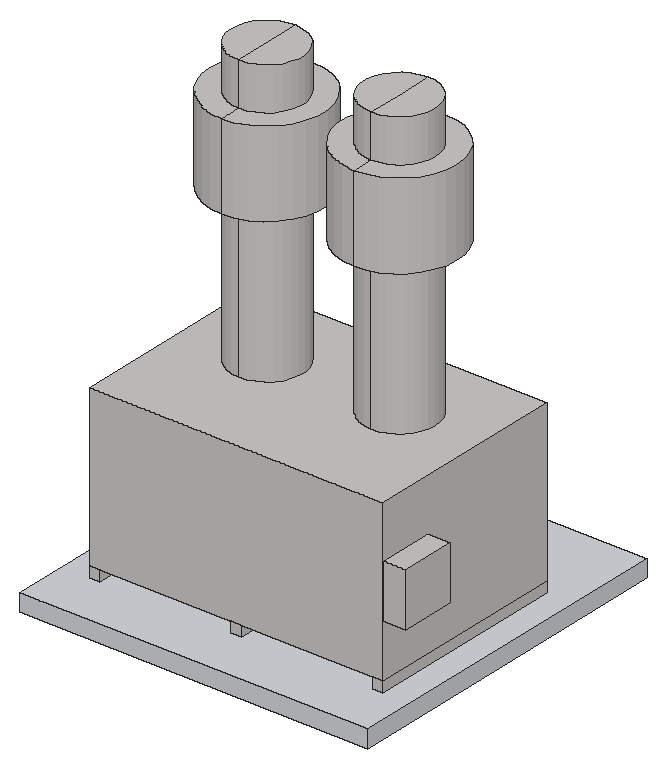
Revit family "DC_Rheem_PLM_Raypak_B2804HWT", category Plumbing Fixtures, host Face, Revit 2017
Family settings
  Host = Face
  Round Connector Dimension = Use Radius
  Part Type = Normal
  Cut with Voids When Loaded = No
  Shared = No
  Room Calculation Point = No
Parameters (values of type "Raypak - Gas Water Heater- Outdoor - 2804 MJ/h  Natural gas, modulating gas control")
  Width_ANZRS = 1430 mm
  URL = "http://www.rheem.com.au/CommercialProducts"
  Type Comments = "Recovery 10750L/h @ 50°C rise\r\n"
  TopSmallDiameter_ANZRS = 500 mm
  TopH2__ANZRS = 600 mm
  TopH1_ANZRS = 300 mm
  TopBigDiameter_ANZRS = 800 mm
  PRVDiameter_ANZRS = PRVRadius_ANZRS * 2  # 20 mm
  Materials_ANZRS = Raypak - Grey Powder Coated Steel
  PRVRadius_ANZRS = 10 mm
  PVRDistance_ANZRS = 400 mm
  Model = "B2804NCM/HWT\r\n"
  Manufacturer = "Raypak\r\n"
  Length_ANZRS = 2060 mm
  HotWaterPipeDistance_ANZRS = 235 mm
  HotWaterPipeRadius_ANZRS = 40 mm
  HotWaterPipeDiameter_ANZRS = HotWaterPipeRadius_ANZRS * 2  # 80 mm
  Height_ANZRS = 3185 mm
  GasPipeDiameter_ANZRS = GasPipeRadius_ANZRS * 2  # 65 mm
  GasPipeRadius_ANZRS = 32.5 mm
  GasPipeHeight_ANZRS = 600 mm
  GasPipeDistance_ANZRS = 210 mm
  EleBoxWidth_ANZRS = 160 mm
  EleBoxHeightFrom Base_ANZRS = 450 mm
  EleBoxHeight_ANZRS = 380 mm
  DesignBy_ANZRS = "Design Content ©"
  Description = "Raypak - Gas Water Heater- Outdoor - 2804 MJ/h  Natural gas, modulating gas control\r\n"
  Default Elevation = 0 mm
  ConnectionHeight_ANZRS = 910 mm
  ColdWaterPipeRadius_ANZRS = 40 mm
  ColdWaterPipeDistance_ANZRS = 567 mm
  ColdWaterPipeDiameter_ANZRS = ColdWaterPipeRadius_ANZRS * 2  # 80 mm
  BoxHeight_ANZRS = 1195 mm
  BaseWidth_ANZRS = 75 mm
  BaseHeight_ANZRS = 75 mm
  BaseDistance_ANZRS = 0 mm
  Author_ANZRS = "DM"
  Assembly Code = ""
  A1_ANZRS = 565 mm
Types (5, lengths in mm): name | URL | Type Comments | Model | GasPipeDiameter_ANZRS | GasPipeRadius_ANZRS | Description
  (no name) | "http://www.rheem.com.au/downloads/PDF/Raypak_Mechanical_Heating_Brochure_July_09.pdf\r\n" | "Recovery 11561L/h @ 50°C rise\r\n" | "B2804PCO/HWT\r\n\r\n\r\n\r\n" | 40 | 20 | "Raypak - Gas Water Heater- Outdoor - 3035 MJ/h  Propane gas, On/Off gas control\r\n"
  Raypak - Gas Water Heater- Outdoor - 2804 MJ/h  Natural gas, modulating gas control | "http://www.rheem.com.au/CommercialProducts" | "Recovery 10750L/h @ 50°C rise\r\n" | "B2804NCM/HWT\r\n" | 65 | 32.5 | "Raypak - Gas Water Heater- Outdoor - 2804 MJ/h  Natural gas, modulating gas control\r\n"
  Raypak - Gas Water Heater- Outdoor - 2804 MJ/h  Natural gas, On/Off gas control | "http://www.rheem.com.au/CommercialProducts" | "Recovery 10750L/h @ 50°C rise\r\n" | "B2804NCO/HWT\r\n\r\n" | 65 | 32.5 | "Raypak - Gas Water Heater- Outdoor - 2804 MJ/h  Natural gas, On/Off gas control\r\n"
  Raypak - Gas Water Heater- Outdoor - 3035 MJ/h  Propane gas, modulating gas control | "http://www.rheem.com.au/CommercialProducts" | "Recovery 11561L/h @ 50°C rise\r\n" | "B2804PCM/HWT\r\n\r\n\r\n" | 40 | 20 | "Raypak - Gas Water Heater- Outdoor - 3035 MJ/h  Propane gas, modulating gas control\r\n"
  Raypak - Gas Water Heater- Outdoor - 3035 MJ/h  Propane gas, On/Off gas control | "http://www.rheem.com.au/CommercialProducts" | "Recovery 11561L/h @ 50°C rise\r\n" | "B2804PCO/HWT\r\n\r\n\r\n\r\n" | 40 | 20 | "Raypak - Gas Water Heater- Outdoor - 3035 MJ/h  Propane gas, On/Off gas control\r\n"
Reference planes
  plane 1 "Center (Front/Back)": y = 0
  plane 2: z = 0
  plane 3 "Center (Left/Right)": x = 0
  plane 4: z = 75
  plane 5: x = -1030
  plane 6: x = 1030
  plane 7: x = 1190
  plane 8: z = 450
  plane 9: z = 1195
  plane 10: x = -1030
  plane 11: x = 1030
  plane 12: x = -955
  plane 13: x = 955
  plane 14: y = 580
  plane 15: y = -850
  plane 16: z = 3185
  plane 17: z = 2885
  plane 18: z = 2285
  plane 19: y = 250
  plane 20: y = -250
  plane 21: y = 400
  plane 22: y = -400
  plane 23: z = 910
  plane 24: y = 180
  plane 25: y = 345
  plane 26: y = -222
  plane 27: y = -640
  plane 28: z = 600
  plane 29: z = 830
  plane 30: x = -1020
  plane 31: x = -1210
  plane 32: x = -1110
  plane 33: x = -37.5
  plane 34: x = 37.5
  plane 35: x = -465
  plane 36: x = 465
  plane 37: x = -715
  plane 38: x = -215
  plane 39: x = -865
  plane 40: x = -65
  plane 41: x = 715
  plane 42: x = 215
  plane 43: x = 865
  plane 44: x = 65
  plane 45: y = -465
Forms (mm)
  Extrusion 1, solid
    sketch origin (0, 0, 0) x (1, 0, 0) y (0, 1, 0)
      loop
        line (-1219.2, 1219.2) -> (-1219.2, -1219.2) -> (1219.2, -1219.2) -> (1219.2, 1219.2) -> (-1219.2, 1219.2)
    from 0 to -120
  Extrusion 2, solid, material "Raypak - Grey Powder Coated Steel" <- "Materials_ANZRS"
    sketch origin (0, 0, 0) x (1, 0, 0) y (0, 0, 1)
      loop
        line (-1030, 75) -> (-1030, 0) -> (-955, 0) -> (-955, 75) -> (-1030, 75)
      loop
        line (955, 75) -> (955, 0) -> (1030, 0) -> (1030, 75) -> (955, 75)
      loop
        line (-37.5, 75) -> (-37.5, 0) -> (37.5, 0) -> (37.5, 75) -> (-37.5, 75)
    from -580 to 850
  Extrusion 3, solid, material "Raypak - Grey Powder Coated Steel" <- "Materials_ANZRS"
    sketch origin (0, 0, 0) x (1, 0, 0) y (0, 1, 0)
      loop
        line (-1030, 580) -> (-1030, -850) -> (1030, -850) -> (1030, 580) -> (-1030, 580)
    from 75 to 1195
  Revolve 4, solid, material "Raypak - Grey Powder Coated Steel" <- "Materials_ANZRS"
    sketch origin (-465, -4572, 910) x (0, 0, -1) y (0, -1, 0)
      loop
        line (-2275, -4572) -> (-285, -4572) -> (-285, -4322) -> (-1375, -4322) -> (-1375, -4172) -> (-1975, -4172) -> (-1975, -4322) -> (-2275, -4322) -> (-2275, -4572)
      axis (-2275, -4572) -> (-285, -4572)
    angle from 0 to 360
  Extrusion 5, solid, material "Raypak - Grey Powder Coated Steel" <- "Materials_ANZRS"
    sketch origin (0, 0, 0) x (1, 0, 0) y (0, 0, 1)
      loop
        line (1030, 830) -> (1030, 450) -> (1190, 450) -> (1190, 830) -> (1030, 830)
    from 465 to 850
  Extrusion 6, solid, material "Raypak - Grey Powder Coated Steel" <- "Materials_ANZRS"
    sketch origin (0, 0, 0) x (0, 1, 0) y (0, 0, 1)
      loop
        circle (345, 910) r 40
      loop
        circle (-222, 910) r 40
    from -1210 to -1030
  Extrusion 7, solid, material "Raypak - Grey Powder Coated Steel" <- "Materials_ANZRS"
    sketch origin (0, 0, 0) x (0, 1, 0) y (0, 0, 1)
      loop
        circle (-640, 600) r 32.5
    from -1110 to -1030
  Extrusion 8, void
    sketch origin (0, 0, 0) x (0, 1, 0) y (0, 0, 1)
      loop
        circle (180, 910) r 10
    from -1030 to -1020
  Revolve 9, solid, material "Raypak - Grey Powder Coated Steel" <- "Materials_ANZRS"
    sketch origin (465, -4572, 910) x (0, 0, -1) y (0, 1, 0)
      loop
        line (-2275, 4572) -> (-2275, 4322) -> (-1975, 4322) -> (-1975, 4172) -> (-1375, 4172) -> (-1375, 4322) -> (-285, 4322) -> (-285, 4572) -> (-2275, 4572)
      axis (-2275, 4572) -> (-285, 4572)
    angle from 0 to 360
Cuts and joins
  Extrusion 8 cuts Extrusion 3
  joined: Extrusion 3, Extrusion 7
Lines and regions (mm)
  Masking region 1
    outline origin (0, 0, 0) x (0, 1, 0) y (0, 0, 1)
      loop
        line (250, 3185) -> (-250, 3185) -> (-250, 2885) -> (-400, 2885) -> (-400, 2285) -> (-250, 2285) -> (-250, 1195) -> (-850, 1195) -> (-850, 0) -> (580, 0) -> (580, 1195) -> (250, 1195) -> (250, 2285) -> (400, 2285) -> (400, 2885) -> (250, 2885) -> (250, 3185)
  Masking region 2
    outline origin (0, 0, 0) x (1, 0, 0) y (0, 1, 0)
      loop
        line (-1030, 580) -> (-1030, 385) -> (-1210, 385) -> (-1210, 305) -> (-1030, 305) -> (-1030, -182) -> (-1210, -182) -> (-1210, -262) -> (-1030, -262) -> (-1030, -607.5) -> (-1110, -607.5) -> (-1110, -672.5) -> (-1030, -672.5) -> (-1030, -850) -> (1190, -850) -> (1190, -465) -> (1030, -465) -> (1030, 580) -> (-1030, 580)
  Masking region 3
    outline origin (0, 0, 0) x (1, 0, 0) y (0, 0, 1)
      loop
        line (-215, 2885) -> (-215, 3185) -> (-465, 3185) -> (-715, 3185) -> (-715, 2885) -> (-865, 2885) -> (-865, 2285) -> (-715, 2285) -> (-715, 1195) -> (-1030, 1195) -> (-1030, 930) -> (-1210, 930) -> (-1210, 890) -> (-1030, 890) -> (-1030, 615) -> (-1110, 615) -> (-1110, 585) -> (-1030, 585) -> (-1030, 75) -> (-1030, 0) -> (-955, 0) -> (-955, 75) -> (-37.5, 75) -> (-37.5, 0) -> (37.5, 0) -> (37.5, 75) -> (955, 75) -> (955, 0) -> (1030, 0) -> (1030, 75) -> (1030, 450) -> (1190, 450) -> (1190, 830) -> (1030, 830) -> (1030, 1195) -> (715, 1195) -> (715, 2285) -> (865, 2285) -> (865, 2885) -> (715, 2885) -> (715, 3185) -> (215, 3185) -> (215, 2885) -> (65, 2885) -> (65, 2285) -> (215, 2285) -> (215, 1195) -> (-215, 1195) -> (-215, 2285) -> (-65, 2285) -> (-65, 2885) -> (-215, 2885)
  symbolic lines, style "Rheem Raypak", detail levels fine
    curve 1: line (1030, 0, 1195) -> (-1030, 0, 1195)
    curve 2: line (1030, 0, 75) -> (1030, 0, 1195)
    curve 3: line (-1030, 0, 1195) -> (-1030, 0, 75)
    curve 4: line (-1030, 0, 75) -> (1030, 0, 75)
    curve 5: line (-955, 0, 0) -> (-955, 0, 75)
    curve 6: line (-1030, 0, 0) -> (-955, 0, 0)
    curve 7: line (-1030, 0, 75) -> (-1030, 0, 0)
    curve 8: line (1030, 0, 0) -> (1030, 0, 75)
    curve 9: line (955, 0, 75) -> (955, 0, 0)
    curve 10: line (955, 0, 0) -> (1030, 0, 0)
    curve 11: line (1030, 0, 450) -> (1190, 0, 450)
    curve 12: line (1190, 0, 450) -> (1190, 0, 830)
    curve 13: line (1190, 0, 830) -> (1030, 0, 830)
    curve 14: line (-1110, 0, 585) -> (-1030, 0, 585)
    curve 15: line (-1110, 0, 615) -> (-1110, 0, 585)
    curve 16: line (-1030, 0, 615) -> (-1110, 0, 615)
    curve 17: line (0, -400, 2885) -> (0, 400, 2885)
    curve 18: line (0, -400, 2285) -> (0, 400, 2285)
    curve 19: line (0, 400, 2285) -> (0, 400, 2885)
    curve 20: line (0, -400, 2885) -> (0, -400, 2285)
    curve 21: line (0, -250, 3185) -> (0, -250, 2885)
    curve 22: line (0, 250, 2885) -> (0, 250, 3185)
    curve 23: line (0, -250, 3185) -> (0, 250, 3185)
    curve 24: line (0, -250, 2285) -> (0, -250, 1195)
    curve 25: line (0, 250, 1195) -> (0, 250, 2285)
    curve 26: line (0, 580, 1195) -> (0, -850, 1195)
    curve 27: line (0, -850, 1195) -> (0, -850, 75)
    curve 28: line (0, 580, 75) -> (0, 580, 1195)
    curve 29: line (0, -850, 75) -> (0, 580, 75)
    curve 30: line (0, 580, 0) -> (0, 580, 75)
    curve 31: line (0, -850, 75) -> (0, -850, 0)
    curve 32: line (0, -850, 0) -> (0, 580, 0)
    curve 33: arc (0, -242, 910) -> (0, -222, 890) -> (0, -202, 910) r 20
    curve 34: arc (0, -202, 910) -> (0, -222, 930) -> (0, -242, 910) r 20
    curve 35: arc (0, -625, 600) -> (0, -640, 585) -> (0, -655, 600) r 15
    curve 36: arc (0, -655, 600) -> (0, -640, 615) -> (0, -625, 600) r 15
    curve 37: arc (0, 325, 910) -> (0, 345, 890) -> (0, 365, 910) r 20
    curve 38: arc (0, 365, 910) -> (0, 345, 930) -> (0, 325, 910) r 20
    curve 39: arc (0, 165, 910) -> (0, 180, 895) -> (0, 195, 910) r 15
    curve 40: arc (0, 195, 910) -> (0, 180, 925) -> (0, 165, 910) r 15
    curve 41: line (1030, -850, 0) -> (1030, 580, 0)
    curve 42: line (-1030, -850, 0) -> (1030, -850, 0)
    curve 43: line (-1030, 580, 0) -> (-1030, -850, 0)
    curve 44: line (1190, -850, 0) -> (1190, 580, 0)
    curve 45: line (1030, -850, 0) -> (1190, -850, 0)
    curve 46: line (-1110, -607.5, 0) -> (-1110, -672.5, 0)
    curve 47: line (-1110, -607.5, 0) -> (-1030, -607.5, 0)
    curve 48: line (-1110, -672.5, 0) -> (-1030, -672.5, 0)
    curve 49: line (37.5, 0, 0) -> (37.5, 0, 75)
    curve 50: line (-1030, 0, 75) -> (1030, 0, 75)
    curve 51: line (-37.5, 0, 75) -> (-37.5, 0, 0)
    curve 52: line (-37.5, 0, 0) -> (37.5, 0, 0)
    curve 53: line (1190, 580, 0) -> (-1030, 580, 0)
    curve 54: line (865, 0, 2285) -> (865, 0, 2885)
    curve 55: line (65, 0, 2285) -> (65, 0, 2885)
    curve 56: line (215, 0, 3185) -> (215, 0, 2885)
    curve 57: line (715, 0, 3185) -> (715, 0, 2885)
    curve 58: line (65, 0, 2285) -> (865, 0, 2285)
    curve 59: line (65, 0, 2885) -> (865, 0, 2885)
    curve 60: line (215, 0, 3185) -> (715, 0, 3185)
    curve 61: line (215, 0, 2285) -> (215, 0, 1195)
    curve 62: line (715, 0, 2285) -> (715, 0, 1195)
    curve 63: line (-215, 0, 3185) -> (-465, 0, 3185)
    curve 64: line (-465, 0, 3185) -> (-715, 0, 3185)
    curve 65: line (-465, 0, 2885) -> (-865, 0, 2885)
    curve 66: line (-65, 0, 2885) -> (-465, 0, 2885)
    curve 67: line (-65, 0, 2285) -> (-465, 0, 2285)
    curve 68: line (-465, 0, 2285) -> (-865, 0, 2285)
    curve 69: line (-865, 0, 2285) -> (-865, 0, 2885)
    curve 70: line (-715, 0, 3185) -> (-715, 0, 2885)
    curve 71: line (-215, 0, 3185) -> (-215, 0, 2885)
    curve 72: line (-65, 0, 2285) -> (-65, 0, 2885)
    curve 73: line (-215, 0, 2285) -> (-215, 0, 1195)
    curve 74: line (-715, 0, 2285) -> (-715, 0, 1195)
    curve 83: line (-1030, 0, 930) -> (-1210, 0, 930)
    curve 84: line (-1210, 0, 930) -> (-1210, 0, 890)
    curve 85: line (-1210, 0, 890) -> (-1030, 0, 890)
  symbolic lines, style "Rheem Raypak"
    curve 75: arc (-465, -400, 0) -> (-65, 0, 0) -> (-465, 400, 0) r 400
    curve 76: arc (-465, 400, 0) -> (-865, 0, 0) -> (-465, -400, 0) r 400
    curve 77: arc (-465, 250, 0) -> (-715, 0, 0) -> (-465, -250, 0) r 250
    curve 78: arc (-465, -250, 0) -> (-215, 0, 0) -> (-465, 250, 0) r 250
    curve 79: arc (465, -400, 0) -> (65, 0, 0) -> (465, 400, 0) r 400
    curve 80: arc (465, -250, 0) -> (215, 0, 0) -> (465, 250, 0) r 250
    curve 81: arc (465, 250, 0) -> (715, 0, 0) -> (465, -250, 0) r 250
    curve 82: arc (465, 400, 0) -> (865, 0, 0) -> (465, -400, 0) r 400
Dimensions and locks
  "BaseHeight_ANZRS": plane 4 to level
  equal spacing: plane 6, plane 3 "Center (Left/Right)", plane 5
  "Length_ANZRS": plane 5 to plane 6
  "EleBoxWidth_ANZRS": plane 6 to plane 7
  "EleBoxHeightFrom Base_ANZRS": plane 8 to Extrusion 1
  "EleBoxHeight_ANZRS": plane 29 to plane 8
  "BaseDistance_ANZRS": plane 10 to plane 5
  "BaseDistance_ANZRS": plane 11 to plane 6
  "BaseWidth_ANZRS": plane 10 to plane 12
  "BaseWidth_ANZRS": plane 11 to plane 13
  plane 1 "Center (Front/Back)" to plane 15 = 850 mm
  "Width_ANZRS": plane 14 to plane 15
  "Height_ANZRS": plane 16 to Extrusion 1
  "TopSmallDiameter_ANZRS": plane 19 to plane 20
  equal spacing: plane 19, plane 1 "Center (Front/Back)", plane 20
  equal spacing: plane 21, plane 1 "Center (Front/Back)", plane 22
  "TopBigDiameter_ANZRS": plane 21 to plane 22
  "ConnectionHeight_ANZRS": plane 23 to Extrusion 1
  "BoxHeight_ANZRS": plane 9 to Extrusion 1
  "PVRDistance_ANZRS": plane 14 to plane 24
  "HotWaterPipeDistance_ANZRS": plane 14 to plane 25
  "ColdWaterPipeDistance_ANZRS": plane 25 to plane 26
  "GasPipeDistance_ANZRS": plane 27 to plane 15
  "GasPipeHeight_ANZRS": plane 28 to Extrusion 1
  "TopH1_ANZRS": plane 16 to plane 17
  "TopH2__ANZRS": plane 17 to plane 18
  locked: plane 5 to plane 30 at 10
  plane 31 to plane 5 = 180 mm
  plane 31 to cut or joined group of Extrusion 3, Extrusion 7, Extrusion 8 = 180 mm
  plane 32 to cut or joined group of Extrusion 3, Extrusion 7, Extrusion 8 = 80 mm
  equal spacing: plane 33, plane 3 "Center (Left/Right)", plane 34
  "BaseWidth_ANZRS": plane 33 to plane 34
  plane 32 to plane 10 = 80 mm
  plane 31 to plane 10 = 180 mm
  "A1_ANZRS": plane 10 to plane 35
  "A1_ANZRS": plane 36 to plane 11
  equal spacing: plane 38, plane 35, plane 37
  "TopSmallDiameter_ANZRS": plane 38 to plane 37
  equal spacing: plane 39, plane 35, plane 40
  "TopBigDiameter_ANZRS": plane 39 to plane 40
  "TopSmallDiameter_ANZRS": plane 42 to plane 41
  "TopBigDiameter_ANZRS": plane 43 to plane 44
  equal spacing: plane 41, plane 36, plane 42
  equal spacing: plane 44, plane 36, plane 43
  equal spacing: Masking region 2 sketch curve, plane 25, Masking region 2 sketch curve
  "HotWaterPipeDiameter_ANZRS": Masking region 2 sketch curve to Masking region 2 sketch curve
  equal spacing: Masking region 2 sketch curve, plane 26, Masking region 2 sketch curve
  "ColdWaterPipeDiameter_ANZRS": Masking region 2 sketch curve to Masking region 2 sketch curve
  equal spacing: Masking region 2 sketch curve, plane 27, Masking region 2 sketch curve
  "GasPipeDiameter_ANZRS": Masking region 2 sketch curve to Masking region 2 sketch curve
  "ColdWaterPipeRadius_ANZRS": radius of Extrusion 6 sketch curve
  "HotWaterPipeRadius_ANZRS": radius of Extrusion 6 sketch curve
  "GasPipeRadius_ANZRS": radius of Extrusion 7 sketch curve
  "PRVRadius_ANZRS": radius of Extrusion 8 sketch curve
  aligned and locked: plane 2 to Extrusion 1
  aligned and locked: level to Extrusion 1
  aligned and locked: Extrusion 2 sketch curve to plane 4  (x2)
  aligned and locked: Extrusion 2 sketch curve to plane 10
  aligned and locked: level to Extrusion 2 sketch curve  (x2)
  aligned and locked: plane 12 to Extrusion 2 sketch curve
  aligned and locked: plane 13 to Extrusion 2 sketch curve
  aligned and locked: plane 11 to Extrusion 2 sketch curve
  aligned and locked: plane 14 to Extrusion 3 sketch curve
  aligned and locked: plane 15 to Extrusion 3 sketch curve
  aligned and locked: plane 6 to Extrusion 3 sketch curve
  aligned and locked: plane 9 to Extrusion 3
  aligned and locked: Extrusion 3 to plane 4
  aligned and locked: Extrusion 2 to plane 15
  aligned and locked: Extrusion 2 to plane 14
  aligned and locked: plane 16 to Revolve 4 sketch curve
  aligned and locked: Revolve 4 sketch curve to plane 20
  aligned and locked: Revolve 4 sketch curve to plane 22
  aligned and locked: plane 9 to Revolve 4 sketch curve
  aligned and locked: Revolve 4 sketch curve to plane 1 "Center (Front/Back)"
  aligned and locked: Extrusion 5 sketch curve to plane 29
  aligned and locked: Extrusion 5 sketch curve to plane 6
  aligned and locked: plane 8 to Extrusion 5 sketch curve
  aligned and locked: plane 7 to Extrusion 5 sketch curve
  aligned: Extrusion 2 to Extrusion 5
  aligned and locked: Extrusion 5 to Extrusion 2
  aligned and locked: plane 25 to Extrusion 6 sketch curve
  aligned and locked: plane 23 to Extrusion 6 sketch curve  (x2)
  aligned and locked: plane 26 to Extrusion 6 sketch curve
  aligned and locked: Extrusion 3 to plane 5
  aligned: Extrusion 6 to plane 5
  aligned: Extrusion 6 to plane 30
  aligned and locked: plane 28 to Extrusion 7 sketch curve
  aligned and locked: plane 27 to Extrusion 7 sketch curve
  aligned: plane 31 to Extrusion 7
  aligned: Extrusion 7 to plane 30
  aligned: plane 5 to Extrusion 7
  aligned and locked: plane 16 to Masking region 1 sketch curve
  aligned and locked: plane 17 to Masking region 1 sketch curve
  aligned and locked: Masking region 1 sketch curve to plane 22
  aligned and locked: plane 21 to Masking region 1 sketch curve
  aligned and locked: plane 19 to Masking region 1 sketch curve
  aligned and locked: Masking region 1 sketch curve to plane 20
  aligned and locked: plane 9 to Masking region 1 sketch curve
  aligned and locked: Masking region 1 sketch curve to plane 15
  aligned and locked: plane 14 to Masking region 1 sketch curve
  aligned and locked: Extrusion 1 to Masking region 1 sketch curve
  aligned and locked: plane 18 to Masking region 1 sketch curve
  aligned and locked: curve 1 to cut or joined group of Extrusion 3, Extrusion 7, Extrusion 8
  aligned and locked: curve 2 to cut or joined group of Extrusion 3, Extrusion 7, Extrusion 8
  aligned and locked: curve 3 to cut or joined group of Extrusion 3, Extrusion 7, Extrusion 8
  aligned and locked: curve 4 to cut or joined group of Extrusion 3, Extrusion 7, Extrusion 8
  aligned and locked: curve 5 to Extrusion 2
  aligned and locked: curve 6 to Extrusion 2
  aligned and locked: curve 7 to Extrusion 2
  aligned and locked: curve 8 to Extrusion 2
  aligned and locked: curve 9 to Extrusion 2
  aligned and locked: curve 10 to Extrusion 2
  aligned and locked: curve 11 to Extrusion 5
  aligned and locked: curve 12 to Extrusion 5
  aligned and locked: curve 13 to Extrusion 5
  aligned: cut or joined group of Extrusion 3, Extrusion 7, Extrusion 8 to curve 15
  aligned and locked: curve 17 to Revolve 4
  aligned and locked: curve 18 to Revolve 4
  aligned and locked: curve 19 to Masking region 1
  aligned and locked: curve 20 to Masking region 1
  aligned and locked: curve 21 to Masking region 1
  aligned and locked: curve 22 to Masking region 1
  aligned and locked: curve 23 to Revolve 4
  aligned and locked: curve 24 to Masking region 1
  aligned and locked: curve 25 to Masking region 1
  aligned and locked: curve 26 to cut or joined group of Extrusion 3, Extrusion 7, Extrusion 8
  aligned and locked: curve 27 to cut or joined group of Extrusion 3, Extrusion 7, Extrusion 8
  aligned and locked: curve 28 to cut or joined group of Extrusion 3, Extrusion 7, Extrusion 8
  aligned and locked: curve 29 to cut or joined group of Extrusion 3, Extrusion 7, Extrusion 8
  aligned and locked: curve 30 to Extrusion 2
  aligned and locked: curve 31 to Extrusion 2
  aligned and locked: curve 32 to Extrusion 2
  aligned and locked: curve 41 to cut or joined group of Extrusion 3, Extrusion 7, Extrusion 8
  aligned and locked: curve 42 to cut or joined group of Extrusion 3, Extrusion 7, Extrusion 8
  aligned and locked: curve 43 to cut or joined group of Extrusion 3, Extrusion 7, Extrusion 8
  aligned and locked: curve 44 to Extrusion 5
  aligned and locked: curve 45 to Extrusion 5
  aligned: cut or joined group of Extrusion 3, Extrusion 7, Extrusion 8 to curve 46
  aligned and locked: plane 31 to Extrusion 6
  aligned: plane 5 to Extrusion 6
  aligned: plane 32 to Extrusion 7
  aligned and locked: curve 49 to Extrusion 2
  aligned and locked: curve 50 to cut or joined group of Extrusion 3, Extrusion 7, Extrusion 8
  aligned and locked: curve 51 to Extrusion 2
  aligned and locked: curve 52 to Extrusion 2
  aligned and locked: Masking region 2 sketch curve to curve 53
  aligned and locked: Masking region 2 sketch curve to Extrusion 2
  aligned and locked: Masking region 2 sketch curve to Extrusion 5  (x2)
  aligned and locked: Extrusion 6 to Masking region 2 sketch curve
  aligned and locked: cut or joined group of Extrusion 3, Extrusion 7, Extrusion 8 to Masking region 2 sketch curve
  aligned and locked: plane 32 to curve 15
  aligned and locked: plane 24 to Extrusion 8 sketch curve
  aligned and locked: plane 23 to Extrusion 8 sketch curve
  aligned and locked: Extrusion 8 to plane 5
  aligned: Extrusion 6 to Extrusion 8
  aligned and locked: Extrusion 7 to curve 47
  aligned and locked: cut or joined group of Extrusion 3, Extrusion 7, Extrusion 8 to plane 10
  aligned and locked: Extrusion 8 to plane 30
  aligned and locked: Extrusion 6 to plane 10
  aligned and locked: plane 22 to Revolve 9 sketch curve
  aligned and locked: Revolve 9 sketch curve to plane 18
  aligned and locked: plane 20 to Revolve 9 sketch curve  (x2)
  aligned and locked: Revolve 9 sketch curve to plane 16
  aligned and locked: Revolve 9 sketch curve to plane 17
  aligned and locked: Revolve 9 sketch curve to plane 1 "Center (Front/Back)"
  aligned and locked: plane 43 to curve 54
  aligned and locked: curve 55 to plane 44
  aligned and locked: curve 56 to plane 42
  aligned and locked: plane 41 to curve 57
  aligned and locked: curve 58 to plane 18
  aligned and locked: curve 59 to plane 17
  aligned and locked: curve 60 to plane 16
  aligned and locked: curve 63 to Revolve 4
  aligned and locked: curve 64 to Revolve 4
  aligned and locked: curve 65 to Revolve 4
  aligned and locked: curve 66 to Revolve 4
  aligned and locked: curve 67 to Revolve 4
  aligned and locked: curve 68 to Revolve 4
  aligned and locked: curve 69 to plane 39
  aligned and locked: curve 70 to plane 37
  aligned and locked: plane 38 to curve 71
  aligned and locked: plane 40 to curve 72
  aligned and locked: plane 17 to curve 72
  aligned and locked: plane 17 to curve 70
  aligned and locked: plane 17 to curve 71
  aligned and locked: plane 18 to curve 74
  aligned and locked: plane 18 to curve 73
  aligned and locked: Masking region 3 sketch curve to curve 71
  aligned and locked: Masking region 3 sketch curve to curve 63
  aligned and locked: Masking region 3 sketch curve to curve 64
  aligned and locked: Masking region 3 sketch curve to curve 70
  aligned and locked: Masking region 3 sketch curve to curve 56
  aligned and locked: Masking region 3 sketch curve to curve 60
  aligned and locked: Masking region 3 sketch curve to curve 57
  aligned and locked: Revolve 4 to Masking region 3 sketch curve  (x2)
  aligned and locked: Masking region 3 sketch curve to Revolve 4  (x2)
  aligned and locked: Masking region 3 sketch curve to curve 69
  aligned and locked: Masking region 3 sketch curve to curve 72
  aligned and locked: Masking region 3 sketch curve to curve 74
  aligned and locked: Masking region 3 sketch curve to curve 73
  aligned and locked: Masking region 3 sketch curve to curve 61
  aligned and locked: Masking region 3 sketch curve to curve 62
  aligned and locked: Revolve 9 to Masking region 3 sketch curve  (x2)
  aligned and locked: Masking region 3 sketch curve to Revolve 9  (x2)
  aligned and locked: Masking region 3 sketch curve to curve 54
  aligned and locked: Masking region 3 sketch curve to curve 55
  aligned and locked: Masking region 3 sketch curve to cut or joined group of Extrusion 3, Extrusion 7, Extrusion 8  (x3)
  aligned and locked: Masking region 3 sketch curve to Extrusion 2  (x9)
  aligned and locked: cut or joined group of Extrusion 3, Extrusion 7, Extrusion 8 to Masking region 3 sketch curve
  aligned and locked: Masking region 3 sketch curve to Extrusion 5  (x3)
  aligned and locked: plane 9 to curve 73
  aligned and locked: plane 9 to curve 74
  aligned and locked: curve 75 to Revolve 4
  aligned and locked: curve 76 to Revolve 4
  aligned and locked: curve 77 to Revolve 4
  aligned and locked: curve 78 to Revolve 4
  aligned and locked: curve 79 to Revolve 9
  aligned and locked: curve 80 to Revolve 9
  aligned and locked: curve 81 to Revolve 9
  aligned and locked: curve 82 to Revolve 9
  aligned and locked: Masking region 3 sketch curve to plane 31
  aligned and locked: Masking region 3 sketch curve to plane 32
  aligned and locked: curve 83 to Masking region 3
  aligned and locked: Extrusion 6 to curve 84
  aligned and locked: curve 85 to Masking region 3
  aligned and locked: Masking region 2 sketch curve to plane 11
  aligned and locked: Masking region 2 sketch curve to plane 45
  aligned and locked: curve 47 to Masking region 2
  aligned and locked: curve 48 to Masking region 2
Automatic sketch dimensions
  curve 43 to plane 5 = 0 mm
  curve 45 to plane 6 = 0 mm
  curve 44 to plane 7 = 0 mm
  curve 42 to plane 15 = 0 mm
  plane 14 to curve 44 = 0 mm
  plane 27 to curve 48 = 32.5 mm
  curve 47 to plane 27 = 32.5 mm
  curve 33 to curve 34 = 0 mm  (x2)
  curve 35 to curve 36 = 0 mm  (x2)
  curve 37 to curve 38 = 0 mm  (x2)
  curve 39 to curve 40 = 0 mm  (x2)
  curve 31 to plane 4 = 0 mm
  curve 31 to plane 15 = 0 mm
  curve 36 to plane 28 = 0 mm
  curve 35 to plane 27 = 0 mm
  curve 18 to plane 18 = 0 mm
  curve 18 to plane 22 = 0 mm
  curve 23 to plane 16 = 0 mm
  curve 23 to plane 20 = 0 mm
  curve 24 to plane 9 = 0 mm
  curve 24 to plane 20 = 0 mm
  curve 33 to plane 23 = 0 mm
  curve 33 to plane 26 = 0 mm
  curve 39 to plane 23 = 0 mm
  curve 40 to plane 24 = 0 mm
  curve 22 to plane 19 = 0 mm
  curve 25 to plane 19 = 0 mm
  curve 37 to plane 23 = 0 mm
  curve 37 to plane 25 = 0 mm
  plane 17 to curve 19 = 0 mm
  curve 19 to plane 21 = 0 mm
  curve 29 to plane 14 = 0 mm
  curve 32 to level = 0 mm
  curve 36 to curve 35 = 15 mm
  plane 26 to curve 33 = 20 mm
  plane 24 to curve 39 = 15 mm
  plane 25 to curve 37 = 20 mm
  Extrusion 1 sketch curve to Extrusion 1 sketch curve = 2438.4 mm  (x2)
  Extrusion 2 sketch curve to plane 4 = 0 mm
  plane 33 to Extrusion 2 sketch curve = 0 mm
  Extrusion 2 sketch curve to level = 0 mm
  Extrusion 2 sketch curve to plane 34 = 0 mm
  Extrusion 3 sketch curve to plane 5 = 0 mm
  Revolve 4 sketch curve to plane 1 "Center (Front/Back)" = 0 mm
  Revolve 4 sketch curve to plane 17 = 0 mm
  Revolve 4 sketch curve to plane 18 = 0 mm
  Revolve 4 sketch curve to plane 20 = 0 mm
  Revolve 4 sketch curve to plane 16 = 51.193 mm
  Revolve 4 sketch curve to level = 2207.352 mm
  Masking region 1 sketch curve to plane 17 = 0 mm
  Masking region 1 sketch curve to plane 20 = 0 mm
  Masking region 1 sketch curve to plane 19 = 0 mm
  Masking region 1 sketch curve to plane 9 = 0 mm
  Masking region 1 sketch curve to plane 18 = 0 mm
  Revolve 9 sketch curve to plane 1 "Center (Front/Back)" = 0 mm
  Revolve 9 sketch curve to plane 9 = 0 mm
  Revolve 9 sketch curve to Revolve 9 sketch curve = 51.193 mm
  Revolve 9 sketch curve to level = 2207.352 mm
  plane 32 to curve 14 = 0 mm
  curve 3 to plane 4 = 0 mm
  curve 3 to plane 5 = 0 mm
  curve 6 to level = 0 mm
  curve 6 to plane 5 = 0 mm
  plane 12 to curve 6 = 0 mm
  curve 74 to plane 37 = 0 mm
  curve 63 to plane 16 = 0 mm
  plane 35 to curve 63 = 0 mm
  plane 35 to curve 67 = 0 mm
  plane 35 to curve 66 = 0 mm
  plane 38 to curve 73 = 0 mm
  plane 33 to curve 51 = 0 mm
  curve 49 to plane 34 = 0 mm
  curve 61 to plane 42 = 0 mm
  plane 41 to curve 62 = 0 mm
  curve 10 to level = 0 mm
  curve 10 to plane 13 = 0 mm
  plane 6 to curve 4 = 0 mm
  plane 6 to curve 10 = 0 mm
  plane 7 to curve 12 = 0 mm
  curve 52 to level = 0 mm
  curve 11 to plane 8 = 0 mm
  curve 13 to plane 29 = 0 mm
  curve 14 to plane 28 = 15 mm
  plane 28 to curve 16 = 15 mm
  plane 35 to Masking region 3 sketch curve = 0 mm
  plane 6 to Masking region 3 sketch curve = 0 mm
  Masking region 3 sketch curve to plane 4 = 0 mm  (x3)
  Masking region 3 sketch curve to plane 9 = 0 mm  (x2)
  Masking region 3 sketch curve to plane 23 = 20 mm
  plane 23 to Masking region 3 sketch curve = 20 mm
  plane 28 to Masking region 3 sketch curve = 15 mm
  Masking region 3 sketch curve to plane 5 = 0 mm
  Masking region 3 sketch curve to plane 28 = 15 mm
  plane 31 to curve 83 = 0 mm
  plane 23 to curve 83 = 20 mm
  curve 84 to plane 23 = 20 mm
  Masking region 2 sketch curve to plane 31 = 0 mm
  Masking region 2 sketch curve to plane 5 = 0 mm  (x3)
Connectors
  piping at (-1110, -640, 600), diameter 65, driven by "GasPipeRadius_ANZRS"
    settings: on cut or joined group of Extrusion 3, Extrusion 7, Extrusion 8, index 4, connector inside diameter 1.5748", connector length 0 mm, flow factor 0, pipe flow 0 GPM, pressure drop 0.00 psi, fitting loss kfactor 0, connector angle 0.00°, fixture units 0, engagement length 0 mm, angle of deflection 0.00°, flow configuration 1, flow direction 1, fitting loss method 0, system type 22, joint type 0, gender type 0, connector reference index -1, connector utility 0, adjustable connector no, is connector primary yes, connector description "Gas"
  piping at (-1210, 345, 910), diameter 80, driven by "HotWaterPipeRadius_ANZRS"
    settings: on Extrusion 6, index 5, connector inside diameter 3.14961", connector length 0 mm, flow factor 0, pipe flow 0 GPM, pressure drop 0.00 psi, fitting loss kfactor 0, connector angle 0.00°, fixture units 0, engagement length 0 mm, angle of deflection 0.00°, flow configuration 1, flow direction 2, fitting loss method 0, system type 19, joint type 0, gender type 0, connector reference index -1, connector utility 0, adjustable connector no, is connector primary no, connector description ""
  piping at (-1210, -222, 910), diameter 80, driven by "ColdWaterPipeRadius_ANZRS"
    settings: on Extrusion 6, index 7, connector inside diameter 3.14961", connector length 0 mm, flow factor 0, pipe flow 0 GPM, pressure drop 0.00 psi, fitting loss kfactor 0, connector angle 0.00°, fixture units 0, engagement length 0 mm, angle of deflection 0.00°, flow configuration 1, flow direction 1, fitting loss method 0, system type 20, joint type 0, gender type 0, connector reference index -1, connector utility 0, adjustable connector no, is connector primary no, connector description ""
  piping at (-1030, 180, 910), diameter 20, driven by "PRVRadius_ANZRS"
    settings: on cut or joined group of Extrusion 3, Extrusion 7, Extrusion 8, index 8, connector inside diameter 0.7874", connector length 0 mm, flow factor 0, pipe flow 0 GPM, pressure drop 0.00 psi, fitting loss kfactor 0, connector angle 0.00°, fixture units 0, engagement length 0 mm, angle of deflection 0.00°, flow configuration 1, flow direction 2, fitting loss method 0, system type 22, joint type 0, gender type 0, connector reference index -1, connector utility 0, adjustable connector no, is connector primary no, connector description "PRV"
